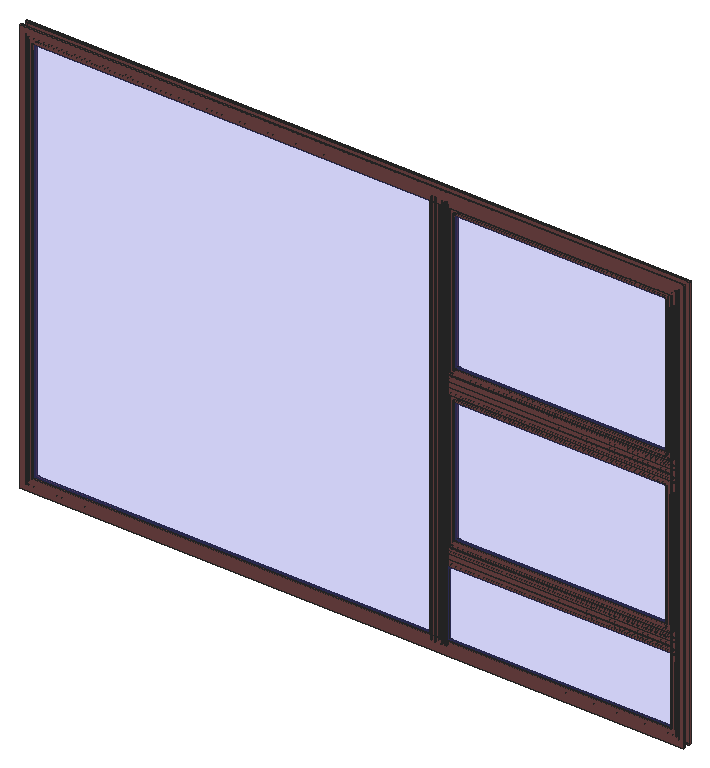
Revit family "PTT 1215, 1515,1218,1518, 1815, 2115, 2415, 1818,2118,2418 ", category Windows, host Wall, Revit 2016
Family settings
  Host = Wall
  OmniClass Number = 23.30.20.00
  OmniClass Title = Windows
  Always vertical = Yes
  Cut with Voids When Loaded = No
  Shared = No
  Room Calculation Point = No
Parameters (values of type "PTT Type- 2415")
  URL = "http://www.robmeg.co.za/"
  Top mullion = 605 mm
  Top hung = yes
  Side Glazing thickness = 4 mm
  Rough Height = 1219.2 mm
  Plaster = 5 mm
  Model = "PTT 2415"
  Manufacturer = "Robmeg"  # constant formula
  Height = 1510 mm
  Glazing = Glass
  Description = "Anodized Aluminium"
  Default Sill Height = 914.4 mm
  Wall Closure = By host
  Width = 2410 mm
  Centre vert mullion = 905 mm
  Bottom mullion = 305 mm
  Bottom glazing thickness = 4 mm
  Author = "Inside"
  Aluminium anodized = Aluminium
Types (11, lengths in mm): name | Top hung | Side Glazing thickness | Model | Height | Description | Width | Centre vert mullion | Bottom mullion | Bottom glazing thickness
  (no name) | yes | 4 | "PTT 2415" | 1510 | "Anodized Aluminium" | 2410 | 905 | 305 | 4
  PTT Type- 1215 | yes | 4 | "PTT 1215" | 1510 | "Anodized Aluminium" | 1210 | 610 | 305 | 4
  PTT Type- 1515 | yes | 4 | "PTT 1515" | 1510 | "Anodised Aluminium" | 1510 | 610 | 305 | 4
  PTT TYPE- 1218 | yes | 6 | "PTT 1218" | 1810 | "Anodized Aluminium" | 1210 | 610 | 605 | 6
  PTT Type- 1518 | yes | 6 | "PTT 1518" | 1810 | "Anodized Aluminium" | 1510 | 610 | 605 | 6
  PTT Type- 1815 | yes | 4 | "PTT 1815" | 1510 | "Anodized Aluminium" | 1810 | 905 | 305 | 4
  PTT Type- 2115 | yes | 4 | "PTT 2115" | 1510 | "Anodized Aluminium" | 2110 | 905 | 305 | 4
  PTT Type- 2415 | yes | 4 | "PTT 2415" | 1510 | "Anodized Aluminium" | 2410 | 905 | 305 | 4
  PTT Type- 1818 | yes | 6 | "PTT 1818" | 1810 | "Anodized Aluminium" | 1810 | 905 | 605 | 6
  PTT Type- 2118 | no | 6 | "PTT 2118" | 1810 | "Anodized Aluminium" | 2110 | 905 | 605 | 6
  PTT Type- 2418 | yes | 6 | "PTT 2418" | 1810 | "Anodized Aluminium" | 2410 | 905 | 605 | 6
Reference planes
  plane 1 "Center (Front/Back)": y = 0
  plane 2: z = 0
  plane 3 "Center (Left/Right)": x = 0
  plane 4 "Left": x = -1205
  plane 5 "Right": x = 1205
  plane 6 "Sill": z = 914.4
  plane 7 "Top": z = 2424.4
  plane 8: x = -1200
  plane 9: z = 2419.4
  plane 10: z = 919.4
  plane 11: x = 1200
  plane 12 "Glass start": y = 1
  plane 13 "Glass end": y = -3
  plane 14: z = 1824.4
  plane 15: x = 750
  plane 16: x = 295
  plane 17: z = 1224.4
  plane 18: z = 1814.4
Forms (mm)
  Sweep 1, solid, material "Aluminium" <- "Aluminium anodized"
    path origin (0, 0, 0) x (1, 0, 0) y (0, 0, 1)
      loop
        line (1200, 2419.4) -> (-1200, 2419.4) -> (-1200, 919.4) -> (1200, 919.4) -> (1200, 2419.4)
    profile "51741 : 51741" origin (0, 0, 2419.4) x (0, 0, -1) y (0, -1, 0)
      loop
        line (26.815, -14.05) -> (20.535, -14.05) -> (20.535, -10.19) -> (21.815, -10.19) -> (21.815, -7.3) -> (19.535, -7.3) -> (19.535, -14.05) -> (1.135, -14.05) -> (1.135, -10.95)
        arc (1.135, -10.95) -> (0.286, -11.301) -> (-0.065, -12.15) r 1.2
        line (-0.065, -12.15) -> (-0.065, -15.25) -> (30.515, -15.25) -> (30.515, -12.384) -> (28.015, -13.827) -> (28.015, 14.05) -> (29.515, 14.05) -> (29.515, 11.75)
        arc (29.515, 11.75) -> (30.015, 11.25) -> (30.515, 11.75) r 0.5
        line (30.515, 11.75) -> (30.515, 14.05) -> (39.515, 14.05) -> (39.515, 11.65) -> (41.896, 11.65) -> (41.896, 12.85) -> (40.715, 12.85) -> (40.715, 14.05) -> (46.215, 14.05) -> (46.215, 12.85) -> (45.215, 12.85) -> (45.215, 11.65) -> (47.415, 11.65) -> (47.415, 15.25) -> (-0.065, 15.25) -> (-0.065, 12.15)
        arc (-0.065, 12.15) -> (0.334, 11.455) -> (1.135, 11.45) r 0.804
        line (1.135, 11.45) -> (1.135, 14.05) -> (19.535, 14.05) -> (19.535, 7.3) -> (21.815, 7.3) -> (21.815, 10.19) -> (20.535, 10.19) -> (20.535, 14.05) -> (26.815, 14.05) -> (26.815, -14.05)
  Sweep 2, solid, material "Aluminium" <- "Aluminium anodized"
    path origin (0, 0, 0) x (1, 0, 0) y (0, 0, 1)
      loop
        line (1200, 1814.4) -> (295, 1814.4) -> (295, 1224.4) -> (1200, 1224.4) -> (1200, 1814.4)
    profile "H10197 : H10197" origin (747.5, 0, 1814.4) x (0, 0, -1) y (0, -1, 0)
      loop
        line (43.095, 8.408) -> (43.095, -19.692) -> (49.375, -19.692) -> (49.375, -14.812)
        arc (49.375, -14.812) -> (48.125, -13.562) -> (49.375, -12.312) r 1.25
        line (49.375, -12.312) -> (49.375, 1.008)
        arc (49.375, 1.008) -> (48.125, 2.258) -> (49.375, 3.508) r 1.25
        line (49.375, 3.508) -> (49.375, 8.408) -> (43.095, 8.408)
      loop
        line (41.895, 8.128) -> (41.895, -5.218) -> (41.895, -19.692) -> (40.495, -19.692) -> (40.495, -17.512)
        arc (40.495, -17.512) -> (39.995, -17.012) -> (39.495, -17.512) r 0.5
        line (39.495, -17.512) -> (39.495, -19.692) -> (30.495, -19.692) -> (30.495, -17.492) -> (28.345, -17.492)
        arc (28.345, -17.492) -> (27.845, -17.992) -> (28.345, -18.492) r 0.5
        line (28.345, -18.492) -> (29.295, -18.492) -> (29.295, -19.692) -> (23.795, -19.692) -> (23.795, -18.378) -> (24.706, -18.378)
        arc (24.706, -18.378) -> (25.206, -17.878) -> (24.706, -17.378) r 0.5
        line (24.706, -17.378) -> (23.784, -17.378)
        arc (23.784, -17.378) -> (23.137, -16.895) -> (22.595, -17.493) r 0.6
        line (22.595, -17.493) -> (22.595, -20.892) -> (53.175, -20.892) -> (53.175, -18.892)
        arc (53.175, -18.892) -> (51.875, -18.322) -> (50.575, -18.892) r 1.767
        line (50.575, -18.892) -> (50.575, -6.066) -> (50.575, 7.908)
        arc (50.575, 7.908) -> (51.375, 8.708) -> (52.175, 7.908) r 0.8
        line (52.175, 7.908) -> (52.175, 6.228)
        arc (52.175, 6.228) -> (52.675, 5.728) -> (53.175, 6.228) r 0.5
        line (53.175, 6.228) -> (53.175, 8.408) -> (62.175, 8.408) -> (62.175, 6.208) -> (64.325, 6.208)
        arc (64.325, 6.208) -> (64.825, 6.708) -> (64.325, 7.208) r 0.5
        line (64.325, 7.208) -> (63.375, 7.208) -> (63.375, 8.408) -> (68.875, 8.408) -> (68.875, 7.208) -> (67.925, 7.208)
        arc (67.925, 7.208) -> (67.425, 6.708) -> (67.925, 6.208) r 0.5
        line (67.925, 6.208) -> (68.875, 6.208)
        arc (68.875, 6.208) -> (69.474, 5.608) -> (70.075, 6.207) r 0.6
        line (70.075, 6.207) -> (70.075, 9.608) -> (39.495, 9.608) -> (39.495, 6.742) -> (41.895, 8.128)
  Sweep 3, solid, material "Aluminium" <- "Aluminium anodized"
    path origin (0, 0, 0) x (1, 0, 0) y (0, 0, 1)
      loop
        line (295, 1814.4) -> (295, 1224.4) -> (1200, 1224.4) -> (1200, 1814.4) -> (295, 1814.4)
    profile "glazing gasket : glazing gasket" origin (295, 0, 1519.4) x (1, 0, 0) y (0, -1, 0)
      loop
        line (53.254, -17.23) -> (53.254, -20.244) -> (69.855, -5.509)
        arc (69.855, -5.509) -> (69.76, -4.756) -> (69.092, -5.117) r 0.46
        line (69.092, -5.117) -> (67.564, -6.473) -> (66.198, -4.108) -> (65.274, -4.108) -> (66.736, -6.639) -> (61.74, -6.639) -> (63.22, -4.077) -> (51.988, -4.077) -> (51.988, 8.186) -> (51.188, 8.186) -> (51.188, -4.877) -> (61.834, -4.877) -> (60.355, -7.439) -> (66.475, -7.439) -> (54.054, -18.464) -> (54.054, -15.845) -> (50.954, -17.634) -> (50.954, -18.558) -> (53.254, -17.23)
  Extrusion 4, solid, material "Glass" <- "Glazing"
    sketch origin (0, 0, 914.4) x (0, -1, 0) y (1, 0, 0)
      loop
        line (-1, 349.054) -> (3, 349.054) -> (3, 1145.946) -> (-1, 1145.946) -> (-1, 349.054)
    from 364.054 to 845.946
  Sweep 5, solid, material "Aluminium" <- "Aluminium anodized"
    path origin (0, 0, 0) x (1, 0, 0) y (0, 0, 1)
      loop
        line (295, 949.915) -> (295, 2388.885)
    profile "H10196 : H10196" origin (295, 0, 1669.4) x (-1, 0, 0) y (0, -1, 0)
      loop
        line (-26.642, -14.247) -> (-6.442, -14.247) -> (-6.442, -4.217)
        arc (-6.442, -4.217) -> (-6.571, -3.479) -> (-7.319, -3.432) r 0.606
        arc (-7.319, -3.432) -> (-9.371, -3.891) -> (-11.294, -3.04) r 3.36
        arc (-11.294, -3.04) -> (-11.351, -1.925) -> (-10.235, -1.868) r 0.79
        arc (-10.235, -1.868) -> (-7.262, -0.547) -> (-10.235, 0.774) r 1.78
        arc (-10.235, 0.774) -> (-11.351, 0.83) -> (-11.294, 1.946) r 0.79
        arc (-11.294, 1.946) -> (-9.49, 2.783) -> (-7.529, 2.453) r 3.36
        arc (-7.529, 2.453) -> (-6.798, 2.484) -> (-6.442, 3.123) r 0.75
        line (-6.442, 3.123) -> (-6.442, 9.653) -> (-26.642, 9.653) -> (-26.642, 3.123)
        arc (-26.642, 3.123) -> (-26.285, 2.484) -> (-25.554, 2.453) r 0.75
        arc (-25.554, 2.453) -> (-23.593, 2.783) -> (-21.789, 1.946) r 3.36
        arc (-21.789, 1.946) -> (-21.733, 0.83) -> (-22.848, 0.774) r 0.79
        arc (-22.848, 0.774) -> (-25.822, -0.547) -> (-22.848, -1.868) r 1.78
        arc (-22.848, -1.868) -> (-21.733, -1.925) -> (-21.789, -3.04) r 0.79
        arc (-21.789, -3.04) -> (-23.593, -3.877) -> (-25.554, -3.548) r 3.36
        arc (-25.554, -3.548) -> (-26.285, -3.579) -> (-26.642, -4.217) r 0.75
        line (-26.642, -4.217) -> (-26.642, -14.247)
      loop
        line (-30.542, -15.547) -> (-2.542, -15.547) -> (-2.542, -12.681) -> (-5.142, -14.182) -> (-5.142, -2.597) -> (-5.942, -1.797) -> (-5.942, 0.903) -> (-5.142, 1.503) -> (-5.142, 13.153)
        arc (-5.142, 13.153) -> (-4.342, 13.653) -> (-3.542, 13.153) r 0.89
        line (-3.542, 13.153) -> (-3.542, 11.653)
        arc (-3.542, 11.653) -> (-3.042, 11.153) -> (-2.542, 11.653) r 0.5
        line (-2.542, 11.653) -> (-2.542, 13.653) -> (6.258, 13.653) -> (6.258, 11.604) -> (8.477, 11.604)
        arc (8.477, 11.604) -> (8.933, 12.012) -> (8.508, 12.453) r 0.425
        line (8.508, 12.453) -> (7.558, 12.453) -> (7.558, 13.653) -> (13.058, 13.653) -> (13.058, 12.453) -> (12.108, 12.453)
        arc (12.108, 12.453) -> (11.683, 12.028) -> (12.108, 11.603) r 0.425
        line (12.108, 11.603) -> (13.058, 11.603)
        arc (13.058, 11.603) -> (13.708, 10.953) -> (14.358, 11.603) r 0.65
        line (14.358, 11.603) -> (14.358, 14.953) -> (-6.442, 14.953) -> (-6.442, 10.953) -> (-26.642, 10.953) -> (-26.642, 14.953) -> (-47.442, 14.953) -> (-47.442, 11.603)
        arc (-47.442, 11.603) -> (-46.792, 10.953) -> (-46.142, 11.603) r 0.65
        line (-46.142, 11.603) -> (-45.192, 11.603)
        arc (-45.192, 11.603) -> (-44.767, 12.028) -> (-45.192, 12.453) r 0.425
        line (-45.192, 12.453) -> (-46.142, 12.453) -> (-46.142, 13.653) -> (-40.642, 13.653) -> (-40.642, 12.453) -> (-41.592, 12.453)
        arc (-41.592, 12.453) -> (-42.016, 12.012) -> (-41.56, 11.604) r 0.425
        line (-41.56, 11.604) -> (-39.342, 11.604) -> (-39.342, 13.653) -> (-30.542, 13.653) -> (-30.542, 11.653)
        arc (-30.542, 11.653) -> (-30.042, 11.153) -> (-29.542, 11.653) r 0.5
        line (-29.542, 11.653) -> (-29.542, 13.153)
        arc (-29.542, 13.153) -> (-28.742, 13.653) -> (-27.942, 13.153) r 0.89
        line (-27.942, 13.153) -> (-27.942, 1.503) -> (-27.142, 0.903) -> (-27.142, -1.997) -> (-27.942, -2.597) -> (-27.942, -14.182) -> (-30.542, -12.681) -> (-30.542, -15.547)
  Sweep 6, solid, material "Aluminium" <- "Aluminium anodized"
    path origin (0, 0, 0) x (1, 0, 0) y (0, 0, 1)
      loop
        line (-1160.485, 958.915) -> (288.742, 958.915) -> (288.742, 2379.885) -> (-1160.485, 2379.885) -> (-1160.485, 958.915)
    profile "glazing gasket : glazing gasket" origin (-1160.485, 0, 1669.4) x (-1, 0, 0) y (0, -1, 0)
      loop
        line (8.795, -11.988) -> (11.095, -13.316) -> (11.095, -12.392) -> (7.995, -10.603) -> (7.995, -13.222) -> (-4.427, -2.197) -> (1.694, -2.197) -> (0.214, 0.365) -> (10.86, 0.365) -> (10.86, 13.428) -> (10.06, 13.428) -> (10.06, 1.165) -> (-1.171, 1.165) -> (0.308, -1.397) -> (-4.687, -1.397) -> (-3.226, 1.134) -> (-4.15, 1.134) -> (-5.515, -1.231) -> (-7.043, 0.125)
        arc (-7.043, 0.125) -> (-7.711, 0.486) -> (-7.806, -0.267) r 0.46
        line (-7.806, -0.267) -> (8.795, -15.002) -> (8.795, -11.988)
  Extrusion 7, solid, material "Glass" <- "Glazing"
    sketch origin (-540.855, -3, 1219.2) x (-1, 0, 0) y (0, 0, 1)
      loop
        line (-835.855, 1168.68) -> (-835.855, -268.28) -> (627.625, -268.28) -> (627.625, 1168.68) -> (-835.855, 1168.68)
    from 0 to -4
  Sweep 8, solid, material "Aluminium" <- "Aluminium anodized"
    path origin (0, 0, 0) x (1, 0, 0) y (0, 0, 1)
      loop
        line (1169.485, 1224.4) -> (325.542, 1224.4)
    profile "H10196 : H10196" origin (747.513, 0, 1224.4) x (0, 0, -1) y (0, -1, 0)
      loop
        line (-26.639, -13.989) -> (-6.439, -13.989) -> (-6.439, -3.959)
        arc (-6.439, -3.959) -> (-6.568, -3.221) -> (-7.316, -3.174) r 0.606
        arc (-7.316, -3.174) -> (-9.368, -3.633) -> (-11.291, -2.782) r 3.36
        arc (-11.291, -2.782) -> (-11.348, -1.667) -> (-10.232, -1.61) r 0.79
        arc (-10.232, -1.61) -> (-7.259, -0.289) -> (-10.232, 1.032) r 1.78
        arc (-10.232, 1.032) -> (-11.348, 1.088) -> (-11.291, 2.204) r 0.79
        arc (-11.291, 2.204) -> (-9.487, 3.041) -> (-7.526, 2.711) r 3.36
        arc (-7.526, 2.711) -> (-6.795, 2.742) -> (-6.439, 3.381) r 0.75
        line (-6.439, 3.381) -> (-6.439, 9.911) -> (-26.639, 9.911) -> (-26.639, 3.381)
        arc (-26.639, 3.381) -> (-26.282, 2.742) -> (-25.551, 2.711) r 0.75
        arc (-25.551, 2.711) -> (-23.59, 3.041) -> (-21.786, 2.204) r 3.36
        arc (-21.786, 2.204) -> (-21.73, 1.088) -> (-22.845, 1.032) r 0.79
        arc (-22.845, 1.032) -> (-25.819, -0.289) -> (-22.845, -1.61) r 1.78
        arc (-22.845, -1.61) -> (-21.73, -1.667) -> (-21.786, -2.782) r 0.79
        arc (-21.786, -2.782) -> (-23.59, -3.619) -> (-25.551, -3.29) r 3.36
        arc (-25.551, -3.29) -> (-26.282, -3.321) -> (-26.639, -3.959) r 0.75
        line (-26.639, -3.959) -> (-26.639, -13.989)
      loop
        line (-30.539, -15.289) -> (-2.539, -15.289) -> (-2.539, -12.423) -> (-5.139, -13.924) -> (-5.139, -2.339) -> (-5.939, -1.539) -> (-5.939, 1.161) -> (-5.139, 1.761) -> (-5.139, 13.411)
        arc (-5.139, 13.411) -> (-4.339, 13.911) -> (-3.539, 13.411) r 0.89
        line (-3.539, 13.411) -> (-3.539, 11.911)
        arc (-3.539, 11.911) -> (-3.039, 11.411) -> (-2.539, 11.911) r 0.5
        line (-2.539, 11.911) -> (-2.539, 13.911) -> (6.261, 13.911) -> (6.261, 11.862) -> (8.48, 11.862)
        arc (8.48, 11.862) -> (8.936, 12.27) -> (8.511, 12.711) r 0.425
        line (8.511, 12.711) -> (7.561, 12.711) -> (7.561, 13.911) -> (13.061, 13.911) -> (13.061, 12.711) -> (12.111, 12.711)
        arc (12.111, 12.711) -> (11.686, 12.286) -> (12.111, 11.861) r 0.425
        line (12.111, 11.861) -> (13.061, 11.861)
        arc (13.061, 11.861) -> (13.711, 11.211) -> (14.361, 11.861) r 0.65
        line (14.361, 11.861) -> (14.361, 15.211) -> (-6.439, 15.211) -> (-6.439, 11.211) -> (-26.639, 11.211) -> (-26.639, 15.211) -> (-47.439, 15.211) -> (-47.439, 11.861)
        arc (-47.439, 11.861) -> (-46.789, 11.211) -> (-46.139, 11.861) r 0.65
        line (-46.139, 11.861) -> (-45.189, 11.861)
        arc (-45.189, 11.861) -> (-44.764, 12.286) -> (-45.189, 12.711) r 0.425
        line (-45.189, 12.711) -> (-46.139, 12.711) -> (-46.139, 13.911) -> (-40.639, 13.911) -> (-40.639, 12.711) -> (-41.589, 12.711)
        arc (-41.589, 12.711) -> (-42.013, 12.27) -> (-41.557, 11.862) r 0.425
        line (-41.557, 11.862) -> (-39.339, 11.862) -> (-39.339, 13.911) -> (-30.539, 13.911) -> (-30.539, 11.911)
        arc (-30.539, 11.911) -> (-30.039, 11.411) -> (-29.539, 11.911) r 0.5
        line (-29.539, 11.911) -> (-29.539, 13.411)
        arc (-29.539, 13.411) -> (-28.739, 13.911) -> (-27.939, 13.411) r 0.89
        line (-27.939, 13.411) -> (-27.939, 1.761) -> (-27.139, 1.161) -> (-27.139, -1.739) -> (-27.939, -2.339) -> (-27.939, -13.924) -> (-30.539, -12.423) -> (-30.539, -15.289)
  Sweep 9, solid, material "Aluminium" <- "Aluminium anodized"
    path origin (0, 0, 0) x (1, 0, 0) y (0, 0, 1)
      loop
        line (1160.485, 958.915) -> (1160.485, 1218.139) -> (334.342, 1218.139) -> (334.342, 958.915) -> (1160.485, 958.915)
    profile "glazing gasket : glazing gasket" origin (747.413, 0, 958.915) x (0, 0, -1) y (0, -1, 0)
      loop
        line (8.769, -11.859) -> (11.069, -13.187) -> (11.069, -12.263) -> (7.969, -10.473) -> (7.969, -13.093) -> (-4.453, -2.068) -> (1.668, -2.068) -> (0.189, 0.495) -> (10.835, 0.495) -> (10.835, 13.557) -> (10.035, 13.557) -> (10.035, 1.295) -> (-1.197, 1.295) -> (0.283, -1.268) -> (-4.713, -1.268) -> (-3.251, 1.264) -> (-4.175, 1.264) -> (-5.541, -1.102) -> (-7.069, 0.254)
        arc (-7.069, 0.254) -> (-7.737, 0.615) -> (-7.832, -0.138) r 0.46
        line (-7.832, -0.138) -> (8.769, -14.873) -> (8.769, -11.859)
  Extrusion 10, solid, material "Glass" <- "Glazing"
    sketch origin (-540.855, -3, 1219.2) x (-1, 0, 0) y (0, 0, 1)
      loop
        line (-1709.309, 6.908) -> (-1709.309, -268.254) -> (-867.228, -268.254) -> (-867.228, 6.908) -> (-1709.309, 6.908)
    from 0 to -4
  Sweep 11, solid, material "Aluminium" <- "Aluminium anodized"
    path origin (0, 0, 0) x (1, 0, 0) y (0, 0, 1)
      loop
        line (1169.485, 1814.4) -> (325.542, 1814.4)
    profile "H10196 : H10196" origin (747.513, 0, 1814.4) x (0, 0, -1) y (0, -1, 0)
      loop
        line (6.583, -13.994) -> (26.783, -13.994) -> (26.783, -3.964)
        arc (26.783, -3.964) -> (26.653, -3.226) -> (25.906, -3.179) r 0.606
        arc (25.906, -3.179) -> (23.853, -3.638) -> (21.93, -2.787) r 3.36
        arc (21.93, -2.787) -> (21.874, -1.672) -> (22.989, -1.615) r 0.79
        arc (22.989, -1.615) -> (25.963, -0.294) -> (22.989, 1.027) r 1.78
        arc (22.989, 1.027) -> (21.874, 1.083) -> (21.93, 2.199) r 0.79
        arc (21.93, 2.199) -> (23.734, 3.036) -> (25.695, 2.706) r 3.36
        arc (25.695, 2.706) -> (26.426, 2.737) -> (26.783, 3.376) r 0.75
        line (26.783, 3.376) -> (26.783, 9.906) -> (6.583, 9.906) -> (6.583, 3.376)
        arc (6.583, 3.376) -> (6.94, 2.737) -> (7.67, 2.706) r 0.75
        arc (7.67, 2.706) -> (9.631, 3.036) -> (11.435, 2.199) r 3.36
        arc (11.435, 2.199) -> (11.492, 1.083) -> (10.376, 1.027) r 0.79
        arc (10.376, 1.027) -> (7.403, -0.294) -> (10.376, -1.615) r 1.78
        arc (10.376, -1.615) -> (11.492, -1.672) -> (11.435, -2.787) r 0.79
        arc (11.435, -2.787) -> (9.631, -3.624) -> (7.67, -3.295) r 3.36
        arc (7.67, -3.295) -> (6.94, -3.326) -> (6.583, -3.964) r 0.75
        line (6.583, -3.964) -> (6.583, -13.994)
      loop
        line (2.683, -15.294) -> (30.683, -15.294) -> (30.683, -12.428) -> (28.083, -13.929) -> (28.083, -2.344) -> (27.283, -1.544) -> (27.283, 1.156) -> (28.083, 1.756) -> (28.083, 13.406)
        arc (28.083, 13.406) -> (28.883, 13.906) -> (29.683, 13.406) r 0.89
        line (29.683, 13.406) -> (29.683, 11.906)
        arc (29.683, 11.906) -> (30.183, 11.406) -> (30.683, 11.906) r 0.5
        line (30.683, 11.906) -> (30.683, 13.906) -> (39.483, 13.906) -> (39.483, 11.857) -> (41.701, 11.857)
        arc (41.701, 11.857) -> (42.158, 12.265) -> (41.733, 12.706) r 0.425
        line (41.733, 12.706) -> (40.783, 12.706) -> (40.783, 13.906) -> (46.283, 13.906) -> (46.283, 12.706) -> (45.333, 12.706)
        arc (45.333, 12.706) -> (44.908, 12.281) -> (45.333, 11.856) r 0.425
        line (45.333, 11.856) -> (46.283, 11.856)
        arc (46.283, 11.856) -> (46.933, 11.206) -> (47.583, 11.856) r 0.65
        line (47.583, 11.856) -> (47.583, 15.206) -> (26.783, 15.206) -> (26.783, 11.206) -> (6.583, 11.206) -> (6.583, 15.206) -> (-14.217, 15.206) -> (-14.217, 11.856)
        arc (-14.217, 11.856) -> (-13.567, 11.206) -> (-12.917, 11.856) r 0.65
        line (-12.917, 11.856) -> (-11.967, 11.856)
        arc (-11.967, 11.856) -> (-11.542, 12.281) -> (-11.967, 12.706) r 0.425
        line (-11.967, 12.706) -> (-12.917, 12.706) -> (-12.917, 13.906) -> (-7.417, 13.906) -> (-7.417, 12.706) -> (-8.367, 12.706)
        arc (-8.367, 12.706) -> (-8.792, 12.265) -> (-8.336, 11.857) r 0.425
        line (-8.336, 11.857) -> (-6.117, 11.857) -> (-6.117, 13.906) -> (2.683, 13.906) -> (2.683, 11.906)
        arc (2.683, 11.906) -> (3.183, 11.406) -> (3.683, 11.906) r 0.5
        line (3.683, 11.906) -> (3.683, 13.406)
        arc (3.683, 13.406) -> (4.483, 13.906) -> (5.283, 13.406) r 0.89
        line (5.283, 13.406) -> (5.283, 1.756) -> (6.083, 1.156) -> (6.083, -1.744) -> (5.283, -2.344) -> (5.283, -13.929) -> (2.683, -12.428) -> (2.683, -15.294)
  Sweep 12, solid, material "Aluminium" <- "Aluminium anodized"
    path origin (0, 0, 0) x (1, 0, 0) y (0, 0, 1)
      loop
        line (1169.485, 1811.717) -> (1169.485, 2388.885) -> (325.542, 2388.885) -> (325.542, 1811.717) -> (1169.485, 1811.717)
    profile "H10197 : H10197" origin (747.513, 0, 1811.717) x (0, 0, -1) y (0, -1, 0)
      loop
        line (-12.607, 8.522) -> (-18.887, 8.522) -> (-18.887, 3.622)
        arc (-18.887, 3.622) -> (-17.637, 2.372) -> (-18.887, 1.122) r 1.25
        line (-18.887, 1.122) -> (-18.887, -12.198)
        arc (-18.887, -12.198) -> (-17.637, -13.448) -> (-18.887, -14.698) r 1.25
        line (-18.887, -14.698) -> (-18.887, -19.578) -> (-12.607, -19.578) -> (-12.607, 8.522)
      loop
        line (-11.407, 8.242) -> (-9.007, 6.856) -> (-9.007, 9.722) -> (-39.587, 9.722) -> (-39.587, 6.321)
        arc (-39.587, 6.321) -> (-38.986, 5.722) -> (-38.387, 6.322) r 0.6
        line (-38.387, 6.322) -> (-37.437, 6.322)
        arc (-37.437, 6.322) -> (-36.937, 6.822) -> (-37.437, 7.322) r 0.5
        line (-37.437, 7.322) -> (-38.387, 7.322) -> (-38.387, 8.522) -> (-32.887, 8.522) -> (-32.887, 7.322) -> (-33.837, 7.322)
        arc (-33.837, 7.322) -> (-34.337, 6.822) -> (-33.837, 6.322) r 0.5
        line (-33.837, 6.322) -> (-31.687, 6.322) -> (-31.687, 8.522) -> (-22.687, 8.522) -> (-22.687, 6.342)
        arc (-22.687, 6.342) -> (-22.187, 5.842) -> (-21.687, 6.342) r 0.5
        line (-21.687, 6.342) -> (-21.687, 8.022)
        arc (-21.687, 8.022) -> (-20.887, 8.822) -> (-20.087, 8.022) r 0.8
        line (-20.087, 8.022) -> (-20.087, -5.952) -> (-20.087, -18.778)
        arc (-20.087, -18.778) -> (-21.387, -18.207) -> (-22.687, -18.778) r 1.767
        line (-22.687, -18.778) -> (-22.687, -20.778) -> (7.893, -20.778) -> (7.893, -17.379)
        arc (7.893, -17.379) -> (7.351, -16.78) -> (6.704, -17.264) r 0.6
        line (6.704, -17.264) -> (5.783, -17.264)
        arc (5.783, -17.264) -> (5.283, -17.764) -> (5.783, -18.264) r 0.5
        line (5.783, -18.264) -> (6.693, -18.264) -> (6.693, -19.578) -> (1.193, -19.578) -> (1.193, -18.378) -> (2.143, -18.378)
        arc (2.143, -18.378) -> (2.643, -17.878) -> (2.143, -17.378) r 0.5
        line (2.143, -17.378) -> (-0.007, -17.378) -> (-0.007, -19.578) -> (-9.007, -19.578) -> (-9.007, -17.398)
        arc (-9.007, -17.398) -> (-9.507, -16.898) -> (-10.007, -17.398) r 0.5
        line (-10.007, -17.398) -> (-10.007, -19.578) -> (-11.407, -19.578) -> (-11.407, -5.103) -> (-11.407, 8.242)
  Sweep 13, solid, material "Aluminium" <- "Aluminium anodized"
    path origin (0, 0, 0) x (1, 0, 0) y (0, 0, 1)
      loop
        line (348.243, 1834.418) -> (1146.799, 1834.418) -> (1146.799, 2366.199) -> (348.243, 2366.199) -> (348.243, 1834.418)
    profile "glazing gasket : glazing gasket" origin (747.521, 0, 1834.418) x (0, 0, 1) y (0, -1, 0)
      loop
        line (-0.007, -17.15) -> (-0.007, -20.163) -> (16.594, -5.429)
        arc (16.594, -5.429) -> (16.499, -4.675) -> (15.831, -5.036) r 0.46
        line (15.831, -5.036) -> (14.303, -6.393) -> (12.937, -4.027) -> (12.013, -4.027) -> (13.475, -6.558) -> (8.479, -6.558) -> (9.959, -3.996) -> (-1.273, -3.996) -> (-1.273, 8.267) -> (-2.073, 8.267) -> (-2.073, -4.796) -> (8.573, -4.796) -> (7.094, -7.358) -> (13.214, -7.358) -> (0.793, -18.384) -> (0.793, -15.764) -> (-2.307, -17.554) -> (-2.307, -18.477) -> (-0.007, -17.15)
  Extrusion 14, solid, material "Glass" <- "Glazing"
    sketch origin (0, 0, 914.4) x (0, -1, 0) y (1, 0, 0)
      loop
        line (3, 326.373) -> (3, 1168.454) -> (-1, 1168.454) -> (-1, 326.373) -> (3, 326.373)
    from 920.811 to 1451.006
Lines and regions (mm)
  Opening 1
    outline origin (-1524, -76.2, 0) x (1, 0, 0) y (0, 0, 1)
      loop
        line (319, 2424.4) -> (319, 914.4) -> (2729, 914.4) -> (2729, 2424.4) -> (319, 2424.4)
  symbolic lines, style "Elevation Swing", visible <- "Top hung"
    curve 1: line (1176.205, 0, 1790.605) -> (747.513, 0, 1226.939)
    curve 2: line (747.513, 0, 1226.939) -> (319.714, 0, 1789.687)
    curve 3: line (1177.379, 0, 2396.779) -> (747.513, 0, 1834.404)
    curve 4: line (747.513, 0, 1834.404) -> (317.627, 0, 2396.8)
Text (mm)
  text "EXTERIOR" at (-1490.695, 1293.036, 0), in view "Ref. Level"
  text "INTERIOR" at (-1490.695, -959.266, 0), in view "Ref. Level"
  text "Exterior" at (0, 1108.87, 3129.179), in view "Left"
  text "Exterior" at (0, 464.664, 3176.206), in view "Right"
Dimensions and locks
  equal spacing: plane 4 "Left", plane 3 "Center (Left/Right)", plane 5 "Right"
  "Width": plane 4 "Left" to plane 5 "Right"
  "Height": plane 6 "Sill" to plane 7 "Top"
  "Default Sill Height": plane 2 to plane 6 "Sill"
  "Plaster": plane 9 to plane 7 "Top"
  "Plaster": plane 6 "Sill" to plane 10
  "Plaster": plane 11 to plane 5 "Right"
  "Plaster": plane 4 "Left" to plane 8
  equal spacing: plane 17, plane 14, plane 7 "Top"
  "Centre vert mullion": plane 16 to plane 11
  equal spacing: plane 16, plane 15, plane 5 "Right"
  "Bottom mullion": plane 10 to plane 17
  "Bottom glazing thickness": Extrusion 10 to Extrusion 10
  "Side Glazing thickness": Extrusion 7 to Extrusion 7
  "Top mullion": plane 18 to plane 9
  aligned and locked: plane 7 "Top" to Opening 1 sketch curve
  aligned and locked: plane 6 "Sill" to Opening 1 sketch curve  (x2)
  aligned and locked: plane 5 "Right" to Opening 1 sketch curve
  aligned and locked: plane 4 "Left" to Opening 1 sketch curve
  aligned and locked: level to plane 2
  aligned and locked: Sweep 1 sketch curve to plane 9
  aligned and locked: Sweep 1 sketch curve to plane 11
  aligned and locked: Sweep 1 sketch curve to plane 10
  aligned and locked: Sweep 1 sketch curve to plane 8
  aligned and locked: plane 11 to Sweep 2 sketch curve
  aligned and locked: plane 11 to Sweep 3 sketch curve
  aligned and locked: plane 12 "Glass start" to Extrusion 4 sketch curve
  aligned and locked: Extrusion 4 sketch curve to plane 13 "Glass end"
  aligned and locked: Sweep 3 to Extrusion 4 sketch curve
  aligned and locked: Extrusion 4 sketch curve to Sweep 3
  aligned and locked: Extrusion 4 to Sweep 3
  aligned and locked: Sweep 3 to Extrusion 4
  aligned and locked: Sweep 1 to Sweep 5 sketch curve  (x2)
  aligned and locked: Sweep 6 sketch curve to Sweep 1  (x3)
  aligned and locked: Sweep 6 sketch curve to Sweep 5
  aligned and locked: Sweep 6 to Extrusion 7  (x2)
  aligned and locked: Extrusion 7 to Sweep 6
  aligned and locked: Sweep 5 sketch curve to plane 16
  aligned and locked: Sweep 2 sketch curve to plane 16
  aligned and locked: Sweep 3 sketch curve to plane 16
  aligned and locked: Extrusion 7 to plane 16
  aligned and locked: Sweep 2 sketch curve to plane 17
  aligned and locked: Sweep 3 sketch curve to plane 17
  aligned and locked: Sweep 8 sketch curve to plane 17
  aligned and locked: Sweep 1 to Sweep 8 sketch curve
  aligned and locked: Sweep 5 to Sweep 8 sketch curve
  aligned and locked: Sweep 9 sketch curve to Sweep 1  (x2)
  aligned and locked: Sweep 9 sketch curve to Sweep 8
  aligned and locked: Sweep 9 sketch curve to Sweep 5
  aligned and locked: Sweep 9 to Extrusion 10
  aligned and locked: Extrusion 10 to Sweep 9  (x3)
  aligned and locked: Sweep 2 sketch curve to plane 18
  aligned and locked: Sweep 3 sketch curve to plane 18
  aligned and locked: Sweep 11 sketch curve to plane 18
  aligned and locked: Sweep 5 to Sweep 11 sketch curve
  aligned and locked: Sweep 1 to Sweep 11 sketch curve
  aligned and locked: Sweep 1 to Sweep 12 sketch curve  (x2)
  aligned and locked: Sweep 12 sketch curve to Sweep 11
  aligned and locked: Sweep 5 to Sweep 12 sketch curve
  aligned and locked: Sweep 13 sketch curve to Sweep 12  (x3)
  aligned and locked: Sweep 12 to Sweep 13 sketch curve
  aligned and locked: Extrusion 10 to Extrusion 14 sketch curve  (x2)
  aligned and locked: Extrusion 14 sketch curve to plane 12 "Glass start"
  aligned and locked: Extrusion 14 sketch curve to plane 13 "Glass end"
  aligned and locked: Extrusion 14 to Sweep 13
  aligned and locked: Sweep 13 to Extrusion 14
Automatic sketch dimensions
  Extrusion 7 sketch curve to plane 8 = 31.52 mm
  plane 10 to Extrusion 7 sketch curve = 31.52 mm
  Extrusion 7 sketch curve to plane 9 = 31.52 mm
  plane 3 "Center (Left/Right)" to Extrusion 7 sketch curve = 295 mm
  plane 11 to Extrusion 10 sketch curve = 31.546 mm
  Extrusion 10 sketch curve to plane 16 = 31.373 mm
  plane 10 to Extrusion 10 sketch curve = 31.546 mm
  plane 17 to Extrusion 10 sketch curve = 1.708 mm
  plane 15 to curve 2 = 2.487 mm
  plane 17 to curve 1 = 2.539 mm
  curve 2 to plane 16 = 24.714 mm
  curve 4 to plane 16 = 22.627 mm
  plane 15 to curve 3 = 2.487 mm
  plane 11 to curve 1 = 23.795 mm
  plane 11 to curve 3 = 22.621 mm
  curve 2 to plane 18 = 24.713 mm
  curve 1 to plane 18 = 23.795 mm
  plane 18 to curve 3 = 20.004 mm
  curve 3 to plane 9 = 22.621 mm
  curve 4 to plane 9 = 22.6 mm
